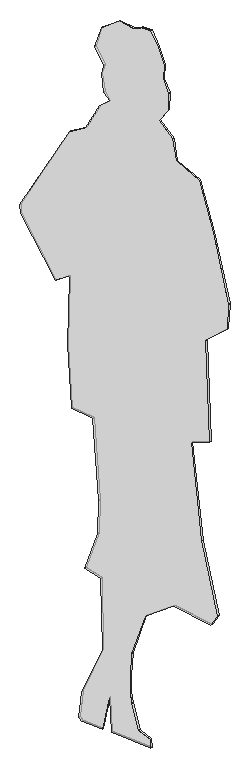
Revit family "Flat Lady 02", category Entourage, Revit 2015
Parameters
  Height = 0 mm
  Flat Material [instance] = none
Reference planes
  plane 1 "Center (Front/Back)": y = 0
  plane 2: z = 0
  plane 3 "Center (Left/Right)": x = 0
  plane 4: z = 1600
Forms (mm)
  Extrusion 1, solid, material <- "Flat Material"
    sketch origin (0, 0, 0) x (1, 0, 0) y (0, 0, 1)
      loop
        line (250.188, 1272.841) -> (213.063, 1382.81) -> (153.017, 1407.563) -> (143.14, 1455.935) -> (107.445, 1487.037) -> (132.005, 1519.182) -> (133.272, 1560.81) -> (118.817, 1588.88) -> (120.672, 1622.434) -> (105.12, 1659.019) -> (86.079, 1691.052) -> (61.384, 1689.255) -> (41.076, 1679.661) -> (2.971, 1685.005) -> (-44.786, 1652.407) -> (-61.578, 1601.057) -> (-38.427, 1565.025) -> (-44.98, 1543.542) -> (-37.699, 1502.537) -> (-24.142, 1486.813) -> (-48.103, 1468.36) -> (-84.892, 1403.142) -> (-128.963, 1378.928) -> (-259.622, 1160.312) -> (-258.136, 1139.891) -> (-165.352, 1012.966) -> (-129.321, 1036.117) -> (-134.158, 872.966) -> (-123.584, 727.645) -> (-66.928, 723.802) -> (-50.968, 536.711) -> (-53.745, 456.78) -> (-88.427, 362.592) -> (-46.595, 353.583) -> (-42.19, 186.448) -> (-96.687, 69.335) -> (-104.508, 6.224) -> (-95.658, 0) -> (-41.618, 0) -> (-24.268, 80.994) -> (-17.835, 0) -> (85.333, 0) -> (83.947, 19.044) -> (53.605, 29.249) -> (35.443, 87.272) -> (30.918, 114.771) -> (31.136, 149.771) -> (35.745, 204.532) -> (71.343, 305.008) -> (146.107, 354.355) -> (242.772, 344.68) -> (261.836, 371.37) -> (220.297, 535.444) -> (192.133, 757.694) -> (240.571, 775.15) -> (229.544, 1012.302) -> (286.807, 1058.281) -> (291.139, 1116.841) -> (250.188, 1272.841)
    from -2.5 to 2.5
Lines and regions (mm)
  model lines
    curve 1: line (0, 150, 0) -> (0, -150, 0)
    curve 2: line (-150, 0, 0) -> (150, 0, 0)
Dimensions and locks
  aligned and locked: level to plane 2
